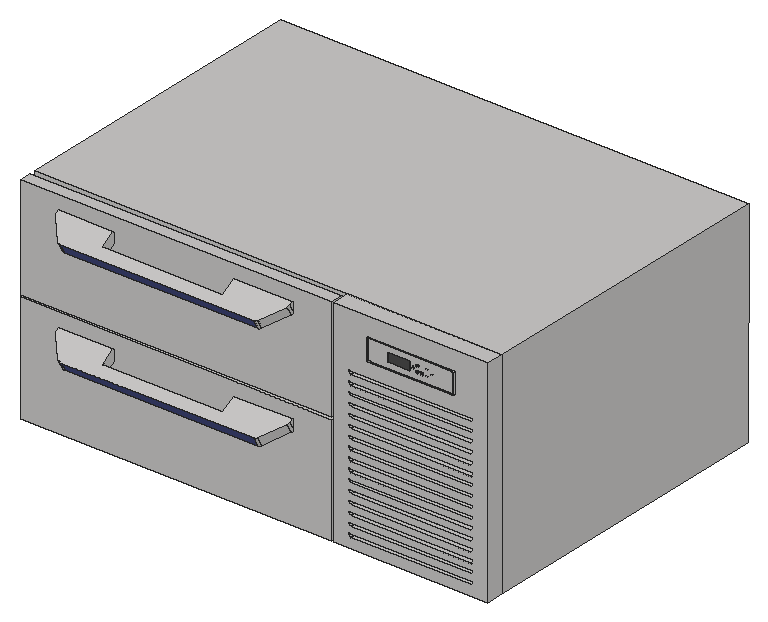
Revit family "QF_ELECTROLUXPROFESSIONAL_589681_MC6IDAKOBO", category Attrezzature speciali, Revit 2020
Family settings
  Quota connettore circolare = Usa diametro
  Tipo di parte = Normale
  Basato su piano di lavoro = No
  Sempre verticale = Sì
  Taglio con vuoti quando caricato = No
  Condiviso = No
  Punto di calcolo locali = No
Parameters (values of type "Standard")
  Weight = 145.00 kg
  Watts = 550 W
  Volts = 220 V
  URL Manufacturer = "https://www.electroluxprofessional.com/"
  URL = "https://www.electroluxprofessional.com/"
  Steam Supply Size = 0"
  Steam Supply Minimum Pressure = 0.00 psi
  Steam Supply Maximum Pressure = 0.00 psi
  Steam Consumption per Hour = 0
  Refrigeration Suction Line Size = 0 mm
  Refrigeration Liquid Line Size = 0 mm
  Refrigerant Compressor Remote = yes
  Prospetto di default = 0 mm
  Phase = 1
  Modello = "MC6IDAKOBO"
  Produttore = "Electrolux Professional"
  Length Actual = 1200 mm  # constant formula
  Item Number = "589681"
  Hot Water Size = 0"
  Height Actual = 550 mm  # constant formula
  HP = "0.7 HP"
  Gas Size = 0"
  Gas KW = 0
  Gas Input Pressure = 0.0 Btu/h
  Direct Waste Size = 0"
  Descrizione = "REF-FREEZER BASE,2DRAWERS,GN2/1,1S,1200X900X550H - R290"
  Depth Actual = 900 mm  # constant formula
  Cycle = 50 Hz
  Condensate Return Size = 0"
  Compressed Air Volume = 0 GPM
  Compressed Air Size = 0"
  Compressed Air Pressure = 0.00 psi
  Cold Water Size = 0"
  Accessory = yes
Reference planes
  plane 1 "BACK": y = 0
  plane 2: z = 0
  plane 3 "LEFT": x = -100
  plane 4 "RIGHT": x = 1100
  plane 5 "FRONT": y = -900
  plane 6 "TOP": z = 900
  plane 7 "Center (Left/Right)": x = 500
  plane 8: y = -450
  plane 9: z = 100
  plane 10: y = -150
  plane 11 "Panel": y = -835
  plane 12: z = 798
  plane 13: x = -22
  plane 14: x = 1022
  plane 15: y = -150
  plane 16: y = -650
  plane 17 "EIx": x = 970
  plane 18 "EIy": y = -85
  plane 19: z = 650
  plane 20 "GasX": x = 870
  plane 21 "EI2x": x = 800
  plane 22: y = -45
  plane 23: y = -880
Forms (mm)
  Extrusion 1, solid, material "QF_Finishes_Stainless Steel"
    sketch origin (-488.969, -4662, 100) x (-1, 0, 0) y (0, -1, 0)
      loop
        circle (-1458.969, -4577) r 6.35
    from 0 to -11.851
  Extrusion 2, solid, material "QF_Finishes_Stainless Steel"
    sketch origin (-178.969, -4572, 100) x (-1, 0, 0) y (0, -1, 0)
      loop
        line (-78.969, -4527) -> (-78.969, -3737) -> (-1278.969, -3737) -> (-1278.969, -4527) -> (-78.969, -4527)
    from 550 to 0
  Extrusion 3, solid, material "QF_Finishes_Stainless Steel"
    sketch origin (-658.969, -4662, 100) x (-1, 0, 0) y (0, -1, 0)
      loop
        circle (-1458.969, -4577) r 6.35
    from 0 to -11.851
  Extrusion 4, solid, material "QF_Finishes_Stainless Steel"
    sketch origin (-588.969, -4662, 100) x (-1, 0, 0) y (0, -1, 0)
      loop
        circle (-1458.969, -4577) r 6.35
    from 0 to -11.851
Lines and regions (mm)
  symbolic lines, style "SpecialityEquipmentHiddenLines"
    curve 1: line (-100, -45, 100) -> (1100, -45, 100)
  symbolic lines
    curve 2: line (-100, -900, 100) -> (-100, -45, 100)
    curve 3: line (1100, -900, 100) -> (-100, -900, 100)
    curve 4: line (1100, -45, 100) -> (1100, -900, 100)
Dimensions and locks
  plane 3 "LEFT" to plane 4 "RIGHT" = 1200 mm
  locked: plane 5 "FRONT" to plane 1 "BACK" at 900
  equal spacing: plane 3 "LEFT", plane 7 "Center (Left/Right)", plane 4 "RIGHT"
  equal spacing: plane 5 "FRONT", plane 8, plane 1 "BACK"
  plane 6 "TOP" to level = 900 mm  (x2)
  plane 9 to level = 100 mm
  plane 1 "BACK" to plane 10 to plane 11 "Panel" = 150 mm, 685 mm  (x2)
  plane 6 "TOP" to plane 9 to level = 800 mm, 100 mm
  plane 1 "BACK" to Extrusion 1 = 85 mm
  plane 13 to plane 3 "LEFT" = 78 mm
  plane 14 to plane 4 "RIGHT" = 78 mm
  locked: plane 1 "BACK" to plane 15 at 150
  locked: plane 15 to plane 16 at 500
  plane 11 "Panel" to plane 5 "FRONT" = 65 mm
  locked: plane 18 "EIy" to plane 1 "BACK" at 85
  plane 19 to plane 9 = 550 mm
  locked: plane 20 "GasX" to plane 4 "RIGHT" at 230
  locked: plane 17 "EIx" to plane 4 "RIGHT" at 130
  locked: plane 21 "EI2x" to plane 4 "RIGHT" at 300
  plane 1 "BACK" to plane 5 "FRONT" = 900 mm
  locked: plane 1 "BACK" to plane 22 at 45
  plane 5 "FRONT" to plane 23 = 20 mm
  plane 11 "Panel" to plane 23 = 45 mm
  aligned and locked: level to plane 2
  aligned and locked: nested 1 to plane 4 "RIGHT"
  aligned and locked: plane 3 "LEFT" to nested 2
  aligned and locked: plane 19 to nested 1
  aligned and locked: plane 22 to Extrusion 2
  aligned and locked: plane 11 "Panel" to nested 1
  aligned and locked: Extrusion 2 to plane 11 "Panel"  (x2)
  aligned and locked: plane 11 "Panel" to nested 2
Automatic sketch dimensions
  plane 1 "BACK" to curve 1 = 45 mm
  curve 1 to plane 4 "RIGHT" = 0 mm
  curve 3 to plane 3 "LEFT" = 0 mm
  plane 5 "FRONT" to curve 3 = 0 mm
  Extrusion 1 sketch curve to plane 17 "EIx" = 0 mm
  Extrusion 1 sketch curve to plane 18 "EIy" = 0 mm
  Extrusion 2 sketch curve to plane 4 "RIGHT" = 0 mm
  Extrusion 2 sketch curve to plane 3 "LEFT" = 0 mm
  Extrusion 2 sketch curve to plane 11 "Panel" = 0 mm
  plane 18 "EIy" to Extrusion 2 sketch curve = 40 mm
  Extrusion 3 sketch curve to plane 18 "EIy" = 0 mm
  Extrusion 3 sketch curve to plane 21 "EI2x" = 0 mm
  Extrusion 4 sketch curve to plane 18 "EIy" = 0 mm
  Extrusion 4 sketch curve to plane 20 "GasX" = 0 mm
  radius of Extrusion 1 sketch curve = 6.35 mm
  radius of Extrusion 3 sketch curve = 6.35 mm
  radius of Extrusion 4 sketch curve = 6.35 mm
Nested families
  nested 1: "QF_ELECTROLUXPROFESSIONAL_REF-FREEZER-UNIT" at (836.133, -835, 394.336) x (1, 0, 0) z (0, -1, 0), type "QF_ELECTROLUXPROFESSIONAL_REF-FREEZER-UNIT"
    with Show Logo yes
  nested 2: "Drawer_W800_Ref_Freezer" at (305, -835, 0), type "Drawer_W800_Ref_Freezer"
Connectors
  electrical at (970, -85, 88.149)
    settings: on Extrusion 1, index 1, voltage 400 V, apparent load 33000 VA, apparent load phase1 0 VA, apparent load phase2 0 VA, apparent load phase3 0 VA, power factor 1, load classification "Other", number of poles 1, system type 30, power factor state 1, is connector primary yes, connector utility no, sub classification motor no, connector description "ELECTRICAL CONNECTION"
  piping at (870, -85, 88.149), diameter 12.7
    settings: on Extrusion 4, index 2, connector inside diameter 24", connector length 0 mm, flow factor 0, pipe flow 0 GPM, pressure drop 0.00 psi, fitting loss kfactor 0, connector angle 0.00°, fixture units 0, engagement length 0 mm, angle of deflection 0.00°, flow configuration 1, flow direction 1, fitting loss method 0, system type 7, joint type 0, gender type 0, connector reference index -1, connector utility 0, adjustable connector no, is connector primary yes, connector description "Gas connection"
  electrical at (800, -85, 88.149)
    settings: on Extrusion 3, index 3, voltage 0 V, apparent load 0 VA, apparent load phase1 0 VA, apparent load phase2 0 VA, apparent load phase3 0 VA, power factor 1, load classification "Other", number of poles 1, system type 30, power factor state 1, is connector primary no, connector utility no, sub classification motor no, connector description "Electrical connection"
Definition of nested family "QF_ELECTROLUXPROFESSIONAL_REF-FREEZER-UNIT"
  Parameters
    Width = 395 mm
    Show Logo [instance] = yes
    Height = 550 mm
    Depth = 45 mm
    Default Elevation = 100 mm
  Reference planes
    plane 1 "Centro (Fronte/Retro)": y = -19.336
    plane 2: z = 0
    plane 3 "Centro (Sinistra/Destra)": x = 66.367
    plane 4 "Back": y = -294.336
    plane 5 "Top": y = 255.664
    plane 6 "Left": x = -131.133
    plane 7 "Right": x = 263.867
    plane 8 "Panel": z = 45
  Forms (mm)
    Extrusion 1, solid
      sketch origin (0, 0, 0) x (1, 0, 0) y (0, 1, 0)
        loop
          line (-1219.2, 1219.2) -> (-1219.2, -1219.2) -> (1219.2, -1219.2) -> (1219.2, 1219.2) -> (-1219.2, 1219.2)
      from 0 to -304.8
    Extrusion 2, solid
      sketch origin (66.367, 0, 0) x (0, 1, 0) y (0, 0, 1)
        loop
          line (-294.336, 45) -> (-294.336, 0) -> (255.664, 0) -> (255.664, 45) -> (-294.336, 45)
      from -197.5 to 197.5
    Sweep 3, solid
      path origin (0, 0, 0) x (1, 0, 0) y (0, 1, 0)
        loop
          line (175.167, 207.994) -> (-42.833, 207.994)
          arc (-42.833, 207.994) -> (-44.954, 207.115) -> (-45.833, 204.994) r 3
          line (-45.833, 204.994) -> (-45.833, 154.894)
          arc (-45.833, 154.894) -> (-44.954, 152.772) -> (-42.833, 151.894) r 3
          line (-42.833, 151.894) -> (175.167, 151.894)
          arc (175.167, 151.894) -> (177.289, 152.772) -> (178.167, 154.894) r 3
          line (178.167, 154.894) -> (178.167, 204.994)
          arc (178.167, 204.994) -> (177.289, 207.115) -> (175.167, 207.994) r 3
      profile origin (66.167, 207.994, 0) x (0, -1, 0) y (0, 0, 1)
        loop
          line (0, 45.003) -> (2, 45.003) -> (2, 47.003)
          arc (2, 47.003) -> (0.586, 46.417) -> (0, 45.003) r 2
    Extrusion 4, solid
      sketch origin (0, 0, 45) x (-1, 0, 0) y (0, -1, 0)
        loop
          arc (42.333, -206.244) -> (43.575, -205.726) -> (44.083, -204.479) r 1.75
          line (44.083, -204.479) -> (44.083, -155.379)
          arc (44.083, -155.379) -> (43.57, -154.156) -> (42.346, -153.644) r 1.75
          line (42.346, -153.644) -> (-174.654, -153.644)
          arc (-174.654, -153.644) -> (-175.9, -154.152) -> (-176.417, -155.394) r 1.75
          line (-176.417, -155.394) -> (-176.417, -204.494)
          arc (-176.417, -204.494) -> (-175.905, -205.731) -> (-174.667, -206.244) r 1.75
          line (-174.667, -206.244) -> (42.333, -206.244)
        loop
          arc (-9.317, -170.644) -> (-9.611, -169.937) -> (-10.317, -169.644) r 1.002
          line (-10.317, -169.644) -> (-63.917, -169.644)
          arc (-63.917, -169.644) -> (-64.621, -169.935) -> (-64.917, -170.637) r 1.002
          line (-64.917, -170.637) -> (-64.917, -189.751)
          arc (-64.917, -189.751) -> (-64.621, -190.453) -> (-63.917, -190.744) r 1.002
          line (-63.917, -190.744) -> (-10.317, -190.744)
          arc (-10.317, -190.744) -> (-9.611, -190.45) -> (-9.317, -189.744) r 1.002
          line (-9.317, -189.744) -> (-9.317, -170.644)
        loop
          line (-72.717, -183.367) -> (-69.06, -177.032) -> (-76.375, -177.032) -> (-72.717, -183.367)
        loop
          circle (-84.616, -187.247) r 3.169
        loop
          circle (-84.616, -173.141) r 3.169
        loop
          line (-93.382, -170.679) -> (-99.425, -170.679) -> (-99.425, -175.679) -> (-93.382, -175.679) -> (-93.382, -170.679)
        loop
          line (-106.292, -171.416) -> (-108.401, -170.022) -> (-110.543, -171.427) -> (-110.543, -173.081) -> (-108.414, -171.678) -> (-106.292, -173.081) -> (-106.292, -171.416)
        loop
          line (-106.172, -187.306) -> (-108.366, -188.753) -> (-110.527, -187.306) -> (-110.527, -189.011) -> (-108.366, -190.44) -> (-106.172, -189) -> (-106.172, -187.306)
        loop
          line (-117.509, -181.558) -> (-117.509, -179.018) -> (-122.899, -179.018) -> (-122.899, -181.558) -> (-117.509, -181.558)
      from 0 to 2.003
    Extrusion 5, solid
      sketch origin (0, 0, 45) x (-1, 0, 0) y (0, -1, 0)
        loop
          arc (-64.917, -189.751) -> (-64.621, -190.453) -> (-63.915, -190.744) r 1.002
          line (-63.915, -190.744) -> (-10.319, -190.744)
          arc (-10.319, -190.744) -> (-9.611, -190.45) -> (-9.317, -189.742) r 1.002
          line (-9.317, -189.742) -> (-9.317, -170.646)
          arc (-9.317, -170.646) -> (-9.611, -169.937) -> (-10.319, -169.644) r 1.002
          line (-10.319, -169.644) -> (-63.917, -169.644)
          arc (-63.917, -169.644) -> (-64.621, -169.935) -> (-64.917, -170.637) r 1.002
          line (-64.917, -170.637) -> (-64.917, -189.751)
      from 0 to 2.003
    Extrusion 6, solid
      sketch origin (0, 0, 45) x (-1, 0, 0) y (0, -1, 0)
        loop
          line (-69.06, -177.032) -> (-76.375, -177.032) -> (-72.717, -183.367) -> (-69.06, -177.032)
        loop
          circle (-84.616, -187.247) r 3.169
        loop
          circle (-84.616, -173.141) r 3.169
        loop
          line (-99.425, -170.679) -> (-99.425, -175.679) -> (-93.382, -175.679) -> (-93.382, -170.679) -> (-99.425, -170.679)
        loop
          line (-108.401, -170.022) -> (-110.543, -171.427) -> (-110.543, -173.081) -> (-108.414, -171.678) -> (-106.292, -173.081) -> (-106.292, -171.416) -> (-108.401, -170.022)
        loop
          line (-122.899, -179.018) -> (-122.899, -181.558) -> (-117.509, -181.558) -> (-117.509, -179.018) -> (-122.899, -179.018)
        loop
          line (-108.366, -188.753) -> (-110.527, -187.306) -> (-110.527, -189.011) -> (-108.366, -190.44) -> (-106.172, -189) -> (-106.172, -187.306) -> (-108.366, -188.753)
      from 0 to 2
    Extrusion 7, void
      sketch origin (0, 0, 45) x (-1, 0, 0) y (0, -1, 0)
        loop
          line (93.805, -115.164) -> (88.954, -105.485) -> (-221.688, -105.485) -> (-226.538, -115.164) -> (93.805, -115.164)
        loop
          line (93.805, -90.163) -> (88.954, -80.484) -> (-221.688, -80.484) -> (-226.538, -90.163) -> (93.805, -90.163)
        loop
          line (93.805, -65.163) -> (88.954, -55.485) -> (-221.688, -55.485) -> (-226.538, -65.163) -> (93.805, -65.163)
        loop
          line (93.805, -40.164) -> (88.954, -30.485) -> (-221.688, -30.485) -> (-226.538, -40.164) -> (93.805, -40.164)
        loop
          line (93.805, -15.163) -> (88.954, -5.484) -> (-221.688, -5.484) -> (-226.538, -15.163) -> (93.805, -15.163)
        loop
          line (93.805, 9.837) -> (88.954, 19.516) -> (-221.688, 19.516) -> (-226.538, 9.837) -> (93.805, 9.837)
        loop
          line (93.805, 34.836) -> (88.954, 44.515) -> (-221.688, 44.515) -> (-226.538, 34.836) -> (93.805, 34.836)
        loop
          line (93.805, 59.837) -> (88.954, 69.516) -> (-221.688, 69.516) -> (-226.538, 59.837) -> (93.805, 59.837)
        loop
          line (93.805, 84.837) -> (88.954, 94.515) -> (-221.688, 94.515) -> (-226.538, 84.837) -> (93.805, 84.837)
        loop
          line (93.805, 109.836) -> (88.954, 119.515) -> (-221.688, 119.515) -> (-226.538, 109.836) -> (93.805, 109.836)
        loop
          line (93.805, 134.837) -> (88.954, 144.516) -> (-221.688, 144.516) -> (-226.538, 134.837) -> (93.805, 134.837)
        loop
          line (93.805, 159.837) -> (88.954, 169.515) -> (-221.688, 169.515) -> (-226.538, 159.837) -> (93.805, 159.837)
        loop
          line (93.805, 184.837) -> (88.954, 194.515) -> (-221.688, 194.515) -> (-226.538, 184.837) -> (93.805, 184.837)
        loop
          line (93.805, 209.837) -> (88.954, 219.516) -> (-221.688, 219.516) -> (-226.538, 209.837) -> (93.805, 209.837)
        loop
          line (93.805, 234.837) -> (88.954, 244.515) -> (-221.688, 244.515) -> (-226.538, 234.837) -> (93.805, 234.837)
        loop
          line (93.805, 259.836) -> (88.954, 269.515) -> (-221.688, 269.515) -> (-226.538, 259.836) -> (93.805, 259.836)
      from 11.086 to -14.08
  Cuts and joins
    Extrusion 7 cuts Extrusion 2
  Lines and regions (mm)
    symbolic lines
      curve 1: line (-131.133, -294.336, 0) -> (-131.133, -294.336, 45)
  Dimensions and locks
    "Height": plane 5 "Top" to plane 4 "Back"
    equal spacing: plane 5 "Top", plane 1 "Centro (Fronte/Retro)", plane 4 "Back"
    "Width": plane 6 "Left" to plane 7 "Right"
    equal spacing: plane 6 "Left", plane 3 "Centro (Sinistra/Destra)", plane 7 "Right"
    plane 8 "Panel" to level = 45 mm
    aligned and locked: plane 2 to Extrusion 1
    aligned and locked: level to Extrusion 1
    aligned and locked: plane 5 "Top" to Extrusion 2 sketch curve
    aligned and locked: Extrusion 2 sketch curve to plane 4 "Back"
    aligned and locked: Extrusion 2 sketch curve to plane 8 "Panel"
    aligned and locked: Extrusion 2 sketch curve to Extrusion 1
  Automatic sketch dimensions
    Extrusion 1 sketch curve to Extrusion 1 sketch curve = 2438.4 mm  (x2)
    plane 6 "Left" to Sweep 3 sketch curve = 88.301 mm
    Sweep 3 sketch curve to plane 5 "Top" = 50.67 mm
    Sweep 3 sketch curve to Sweep 3 sketch curve = 3 mm  (x4)
    Sweep 3 sketch curve to plane 7 "Right" = 88.699 mm
    Sweep 3 sketch curve to Sweep 3 sketch curve = 50.1 mm
    Sweep 3 sketch curve to Sweep 3 sketch curve = 0 mm  (x2)
    Sweep 3 sketch curve to profile plane = 2 mm
    level to Sweep 3 sketch curve = 45.003 mm
    Sweep 3 sketch curve to profile plane = 0 mm
    Extrusion 5 sketch curve to plane 3 "Centro (Sinistra/Destra)" = 1.449 mm
    Extrusion 5 sketch curve to Extrusion 5 sketch curve = 1.002 mm  (x4)
    Extrusion 5 sketch curve to Extrusion 5 sketch curve = 0 mm  (x9)
    Extrusion 5 sketch curve to Extrusion 5 sketch curve = 53.596 mm
    Extrusion 5 sketch curve to plane 5 "Top" = 64.92 mm
    Extrusion 5 sketch curve to Extrusion 5 sketch curve = 0.993 mm
    Extrusion 5 sketch curve to Extrusion 5 sketch curve = 0.009 mm  (x2)
    Extrusion 5 sketch curve to Extrusion 5 sketch curve = 19.096 mm  (x2)
    Extrusion 5 sketch curve to Extrusion 5 sketch curve = 0.03 mm
    Extrusion 5 sketch curve to Extrusion 5 sketch curve = 0.028 mm
    Extrusion 4 sketch curve to plane 7 "Right" = 89.199 mm
    Extrusion 4 sketch curve to Extrusion 4 sketch curve = 0 mm  (x24)
    Extrusion 4 sketch curve to Extrusion 4 sketch curve = 0.013 mm  (x3)
    plane 3 "Centro (Sinistra/Destra)" to Extrusion 4 sketch curve = 56.533 mm
    Extrusion 4 sketch curve to Extrusion 4 sketch curve = 5.391 mm
    Extrusion 4 sketch curve to Extrusion 4 sketch curve = 6.966 mm
    Extrusion 4 sketch curve to Extrusion 4 sketch curve = 6.982 mm
    Extrusion 4 sketch curve to Extrusion 4 sketch curve = 2.129 mm
    Extrusion 4 sketch curve to Extrusion 4 sketch curve = 2.16 mm
    Extrusion 4 sketch curve to Extrusion 4 sketch curve = 2.122 mm
    Extrusion 4 sketch curve to Extrusion 4 sketch curve = 2.194 mm
    Extrusion 4 sketch curve to Extrusion 4 sketch curve = 6.867 mm
    Extrusion 4 sketch curve to Extrusion 4 sketch curve = 6.043 mm
    Extrusion 4 sketch curve to Extrusion 4 sketch curve = 8.767 mm  (x2)
    Extrusion 4 sketch curve to Extrusion 4 sketch curve = 8.241 mm
    plane 3 "Centro (Sinistra/Destra)" to Extrusion 4 sketch curve = 6.351 mm
    plane 3 "Centro (Sinistra/Destra)" to Extrusion 4 sketch curve = 2.693 mm
    Extrusion 4 sketch curve to plane 3 "Centro (Sinistra/Destra)" = 1.449 mm
    Extrusion 4 sketch curve to Extrusion 4 sketch curve = 1.002 mm  (x4)
    Extrusion 4 sketch curve to Extrusion 4 sketch curve = 53.596 mm
    Extrusion 4 sketch curve to Extrusion 4 sketch curve = 52.652 mm
    Extrusion 4 sketch curve to Extrusion 4 sketch curve = 1.75 mm  (x2)
    Extrusion 4 sketch curve to plane 5 "Top" = 51.17 mm  (x2)
    Extrusion 4 sketch curve to Extrusion 4 sketch curve = 0.015 mm  (x2)
    Extrusion 4 sketch curve to plane 5 "Top" = 65.223 mm
    Extrusion 4 sketch curve to Extrusion 4 sketch curve = 0.69 mm
    Extrusion 4 sketch curve to Extrusion 4 sketch curve = 0.009 mm  (x2)
    Extrusion 4 sketch curve to Extrusion 4 sketch curve = 1.429 mm
    Extrusion 4 sketch curve to Extrusion 4 sketch curve = 1.44 mm
    Extrusion 4 sketch curve to Extrusion 4 sketch curve = 1.687 mm
    Extrusion 4 sketch curve to Extrusion 4 sketch curve = 1.694 mm
    Extrusion 4 sketch curve to Extrusion 4 sketch curve = 1.706 mm
    Extrusion 4 sketch curve to Extrusion 4 sketch curve = 2.504 mm
    Extrusion 4 sketch curve to Extrusion 4 sketch curve = 6.383 mm
    Extrusion 4 sketch curve to Extrusion 4 sketch curve = 5.748 mm
    Extrusion 4 sketch curve to Extrusion 4 sketch curve = 2.539 mm
    Extrusion 4 sketch curve to Extrusion 4 sketch curve = 6.335 mm
    Extrusion 4 sketch curve to Extrusion 4 sketch curve = 11.568 mm
    Extrusion 4 sketch curve to Extrusion 4 sketch curve = 3.891 mm
    Extrusion 4 sketch curve to Extrusion 4 sketch curve = 5.937 mm
    Extrusion 4 sketch curve to Extrusion 4 sketch curve = 1.404 mm
    Extrusion 4 sketch curve to Extrusion 4 sketch curve = 1.654 mm
    Extrusion 4 sketch curve to Extrusion 4 sketch curve = 1.665 mm
    Extrusion 4 sketch curve to Extrusion 4 sketch curve = 5 mm
    Extrusion 4 sketch curve to Extrusion 4 sketch curve = 6.386 mm
    Extrusion 4 sketch curve to Extrusion 4 sketch curve = 19.096 mm
    Extrusion 4 sketch curve to Extrusion 4 sketch curve = 1.656 mm
    Extrusion 4 sketch curve to Extrusion 4 sketch curve = 49.1 mm  (x2)
    Extrusion 4 sketch curve to Extrusion 4 sketch curve = 0.002 mm  (x5)
    plane 3 "Centro (Sinistra/Destra)" to Extrusion 6 sketch curve = 56.533 mm
    Extrusion 6 sketch curve to Extrusion 6 sketch curve = 5.391 mm
    Extrusion 6 sketch curve to Extrusion 6 sketch curve = 6.966 mm
    Extrusion 6 sketch curve to Extrusion 6 sketch curve = 6.982 mm
    Extrusion 6 sketch curve to Extrusion 6 sketch curve = 2.129 mm
    Extrusion 6 sketch curve to Extrusion 6 sketch curve = 0.013 mm
    Extrusion 6 sketch curve to Extrusion 6 sketch curve = 2.16 mm
    Extrusion 6 sketch curve to Extrusion 6 sketch curve = 0 mm  (x2)
    Extrusion 6 sketch curve to Extrusion 6 sketch curve = 2.122 mm
    Extrusion 6 sketch curve to Extrusion 6 sketch curve = 2.194 mm
    Extrusion 6 sketch curve to Extrusion 6 sketch curve = 6.867 mm
    Extrusion 6 sketch curve to Extrusion 6 sketch curve = 6.043 mm
    Extrusion 6 sketch curve to Extrusion 6 sketch curve = 8.767 mm  (x2)
    Extrusion 6 sketch curve to Extrusion 6 sketch curve = 8.241 mm
    plane 3 "Centro (Sinistra/Destra)" to Extrusion 6 sketch curve = 6.351 mm
    plane 3 "Centro (Sinistra/Destra)" to Extrusion 6 sketch curve = 2.693 mm
    Extrusion 6 sketch curve to plane 5 "Top" = 65.223 mm
    Extrusion 6 sketch curve to Extrusion 6 sketch curve = 1.429 mm
    Extrusion 6 sketch curve to Extrusion 6 sketch curve = 1.44 mm
    Extrusion 6 sketch curve to Extrusion 6 sketch curve = 1.687 mm
    Extrusion 6 sketch curve to Extrusion 6 sketch curve = 1.706 mm
    Extrusion 6 sketch curve to Extrusion 6 sketch curve = 1.694 mm
    Extrusion 6 sketch curve to Extrusion 6 sketch curve = 0.059 mm
    Extrusion 6 sketch curve to Extrusion 6 sketch curve = 3.88 mm
    Extrusion 6 sketch curve to Extrusion 6 sketch curve = 5.748 mm
    Extrusion 6 sketch curve to Extrusion 6 sketch curve = 2.539 mm
    Extrusion 6 sketch curve to Extrusion 6 sketch curve = 6.335 mm
    Extrusion 6 sketch curve to Extrusion 6 sketch curve = 11.568 mm
    Extrusion 6 sketch curve to Extrusion 6 sketch curve = 3.891 mm
    Extrusion 6 sketch curve to Extrusion 6 sketch curve = 5.937 mm
    Extrusion 6 sketch curve to Extrusion 6 sketch curve = 1.404 mm
    Extrusion 6 sketch curve to Extrusion 6 sketch curve = 1.654 mm
    Extrusion 6 sketch curve to Extrusion 6 sketch curve = 1.665 mm
    Extrusion 6 sketch curve to Extrusion 6 sketch curve = 5 mm
    Extrusion 6 sketch curve to Extrusion 6 sketch curve = 1.656 mm
    Extrusion 7 sketch curve to plane 7 "Right" = 37.328 mm  (x2)
    Extrusion 7 sketch curve to Extrusion 7 sketch curve = 0 mm  (x25)
    plane 1 "Centro (Fronte/Retro)" to Extrusion 7 sketch curve = 15.5 mm
    Extrusion 7 sketch curve to plane 1 "Centro (Fronte/Retro)" = 9.5 mm
    Extrusion 7 sketch curve to Extrusion 7 sketch curve = 4.851 mm  (x32)
    plane 1 "Centro (Fronte/Retro)" to Extrusion 7 sketch curve = 0.179 mm
    plane 6 "Left" to Extrusion 7 sketch curve = 42.179 mm  (x5)
    Extrusion 7 sketch curve to Extrusion 7 sketch curve = 15.321 mm  (x14)
    Extrusion 7 sketch curve to Extrusion 7 sketch curve = 9.679 mm  (x15)
    curve 1 to plane 6 "Left" = 0 mm
    curve 1 to level = 0 mm
    curve 1 to plane 8 "Panel" = 0 mm
    radius of Extrusion 4 sketch curve = 3.169 mm  (x2)
    radius of Extrusion 6 sketch curve = 3.169 mm  (x2)
Definition of nested family "Drawer_W800_Ref_Freezer"
  Parameters
    Width = 800 mm
    Default Elevation = 0 mm
    Foro = 310 mm
    BordoCassetto = 60 mm
    BordoBattuta = 36 mm
  Reference planes
    plane 1 "Ref. Level": z = 0
    plane 2 "Center (Left/Right)": x = -5
    plane 3 "Left": x = -405
    plane 4 "Right": x = 395
    plane 5 "Top": z = 650
    plane 6 "Base": z = 100
    plane 7: z = 380
    plane 8 "BaseUp": z = 385
    plane 9 "ManopolaLow": through (-6096, -70.559, 332.255) normal (0, -0.515, 0.8572)
    plane 10 "ManopolaUp2": through (-6096, -614.412, 604.849) normal (0, -0.515, 0.8572)
    plane 11 "ManopolaLow2": through (-6096, -616.076, 332.255) normal (0, -0.515, 0.8572)
    plane 12: y = -640
    plane 13: y = -655
    plane 14 "ManopolaUp": through (-6096, -70.559, 602.255) normal (0, -0.515, 0.8572)
    plane 15: y = -15
    plane 16: y = -60
    plane 17: y = 840
    plane 18: x = -285
    plane 19: x = 275
    plane 20: x = -369
    plane 21: x = 359
    plane 22: x = -160
    plane 23: x = 150
  Forms (mm)
    Extrusion 1, solid
      sketch origin (-5, 84, 0) x (0, 1, 0) y (0, 0, 1)
        loop
          line (-129.03, 650) -> (-129.03, 385) -> (-99, 385) -> (-99, 650) -> (-129.03, 650)
      from -400 to 400
    Extrusion 2, solid
      sketch origin (-5, 84, -270) x (0, 1, 0) y (0, 0, 1)
        loop
          line (-129.03, 650) -> (-129.03, 370) -> (-99, 370) -> (-99, 650) -> (-129.03, 650)
      from -400 to 400
    Extrusion 3, solid, detail levels coarse
      sketch origin (-5, -464.17, -270) x (0, 1, 0) y (0, 0, 1)
        loop
          line (-129.03, 650) -> (-129.03, 370) -> (-101.83, 370) -> (-101.83, 650) -> (-129.03, 650)
      from -400 to 400
    Extrusion 4, solid, detail levels coarse
      sketch origin (-5, -464.17, 15) x (0, 1, 0) y (0, 0, 1)
        loop
          line (-129.03, 635) -> (-129.03, 370) -> (-101.83, 370) -> (-101.83, 635) -> (-129.03, 635)
      from -400 to 400
    Extrusion 5, solid, detail levels coarse
      sketch origin (0, 0, 100) x (-1, 0, 0) y (0, -1, 0)
        loop
          line (-359, 566) -> (-359, 553) -> (-328, 553) -> (-328, 60) -> (338, 60) -> (338, 553) -> (369, 553) -> (369, 566) -> (-359, 566)
      from 246 to 22
    Extrusion 6, solid, detail levels coarse
      sketch origin (0, 0, 385) x (0, 1, 0) y (-1, 0, 0)
        loop
          line (-566, -359) -> (-553, -359) -> (-553, -275) -> (-60, -275) -> (-60, 285) -> (-553, 285) -> (-553, 369) -> (-566, 369) -> (-566, -359)
      from 22 to 230
    Extrusion 7, solid
      sketch origin (0, 104.5, 100) x (-1, 0, 0) y (0, -1, 0)
        loop
          line (285, 119.5) -> (-275, 119.5) -> (-275, 104) -> (285, 104) -> (285, 119.5)
      from 22 to 246
    Extrusion 8, solid
      sketch origin (0, 104.5, 385) x (0, 1, 0) y (-1, 0, 0)
        loop
          line (-119.5, 285) -> (-119.5, -275) -> (-104.5, -275) -> (-104.5, 285) -> (-119.5, 285)
      from 22 to 230
  Lines and regions (mm)
    symbolic lines
      curve 1: line (-405, -149.043, 0) -> (-405, -514.03, 0)
      curve 2: line (395, -514.03, 0) -> (395, -149.03, 0)
      curve 3: line (-405, -655, 0) -> (-405, -689.743, 0)
      curve 4: line (275, -106.83, 0) -> (275, -553, 0)
      curve 5: line (395, -689.743, 0) -> (395, -690, 0)
      curve 6: line (359, -553, 0) -> (275, -553, 0)
      curve 7: line (359, -566, 0) -> (359, -553, 0)
      curve 8: line (-316, -553, 0) -> (-316, -566, 0)
      curve 9: line (-285, -553, 0) -> (-316, -553, 0)
      curve 10: line (-285, -60, 0) -> (-285, -553, 0)
      curve 11: line (395, -566, 0) -> (-405, -566, 0)
      curve 12: line (-405, -566, 0) -> (-405, -605.1, 0)
      curve 13: line (395, -566, 0) -> (395, -605.1, 0)
      curve 14: line (-405, -593.2, 0) -> (395, -593.2, 0)
  Dimensions and locks
    plane 6 "Base" to plane 5 "Top" = 550 mm
    plane 6 "Base" to level = 100 mm
    plane 6 "Base" to plane 7 = 280 mm
    plane 5 "Top" to plane 8 "BaseUp" = 265 mm
    plane 8 "BaseUp" to plane 7 = 5 mm
    "Width": plane 4 "Right" to plane 3 "Left"
    equal spacing: plane 4 "Right", plane 2 "Center (Left/Right)", plane 3 "Left"
    plane 17 to plane 13 = 1495 mm
    plane 17 to plane 15 = 855 mm
    plane 15 to plane 16 = 45 mm
    locked: plane 18 to plane 3 "Left" at 120
    locked: plane 19 to plane 4 "Right" at 120
    "Foro": plane 22 to plane 23
    plane 22 to nested 4 to plane 23 = 155 mm, 155 mm
    "BordoBattuta": plane 21 to plane 4 "Right"
    "BordoBattuta": plane 20 to plane 3 "Left"
    aligned and locked: Extrusion 6 to plane 18
    aligned and locked: Extrusion 4 to plane 3 "Left"
    aligned and locked: Extrusion 1 to plane 3 "Left"
    aligned and locked: Extrusion 4 to plane 4 "Right"
    aligned and locked: Extrusion 1 to plane 4 "Right"
    aligned and locked: Extrusion 3 to plane 4 "Right"
    aligned and locked: Extrusion 3 to plane 3 "Left"
    aligned and locked: Extrusion 2 to plane 3 "Left"
    aligned and locked: Extrusion 2 to plane 4 "Right"
    aligned and locked: Extrusion 6 to plane 20
    aligned and locked: Extrusion 5 to plane 20
    aligned and locked: Extrusion 6 to plane 21
    aligned and locked: Extrusion 5 to plane 21
    aligned and locked: plane 19 to Extrusion 6
    aligned and locked: curve 7 to plane 21
    aligned and locked: curve 10 to Extrusion 6
    aligned and locked: curve 4 to Extrusion 6
    aligned and locked: plane 2 "Center (Left/Right)" to nested 3
    aligned and locked: nested 4 to nested 3
    aligned and locked: plane 2 "Center (Left/Right)" to nested 2
  Automatic sketch dimensions
    Extrusion 1 sketch curve to plane 8 "BaseUp" = 0 mm
    Extrusion 1 sketch curve to plane 5 "Top" = 0 mm
    Extrusion 1 sketch curve to plane 15 = 0 mm
    plane 16 to Extrusion 1 sketch curve = 14.97 mm
    plane 6 "Base" to Extrusion 2 sketch curve = 0 mm
    Extrusion 2 sketch curve to plane 7 = 0 mm
    Extrusion 2 sketch curve to plane 15 = 0 mm
    plane 16 to Extrusion 2 sketch curve = 14.97 mm
    plane 6 "Base" to Extrusion 3 sketch curve = 0 mm
    Extrusion 3 sketch curve to plane 7 = 0 mm
    Extrusion 3 sketch curve to plane 12 = 46.8 mm
    Extrusion 3 sketch curve to Extrusion 3 sketch curve = 27.2 mm
    Extrusion 4 sketch curve to plane 8 "BaseUp" = 0 mm
    Extrusion 4 sketch curve to plane 5 "Top" = 0 mm
    Extrusion 4 sketch curve to plane 12 = 46.8 mm
    Extrusion 4 sketch curve to Extrusion 4 sketch curve = 27.2 mm
    Extrusion 5 sketch curve to plane 16 = 0 mm
    plane 4 "Right" to Extrusion 5 sketch curve = 36 mm
    Extrusion 5 sketch curve to Extrusion 5 sketch curve = 31 mm  (x2)
    plane 3 "Left" to Extrusion 5 sketch curve = 67 mm
    Extrusion 5 sketch curve to plane 12 = 87 mm  (x2)
    Extrusion 5 sketch curve to Extrusion 5 sketch curve = 13 mm
    Extrusion 6 sketch curve to plane 16 = 0 mm
    Extrusion 6 sketch curve to plane 12 = 87 mm  (x2)
    Extrusion 6 sketch curve to Extrusion 6 sketch curve = 13 mm
    plane 4 "Right" to Extrusion 6 sketch curve = 36 mm
    Extrusion 6 sketch curve to Extrusion 6 sketch curve = 84 mm  (x2)
    plane 3 "Left" to Extrusion 6 sketch curve = 120 mm
    Extrusion 7 sketch curve to plane 15 = 0 mm
    plane 4 "Right" to Extrusion 7 sketch curve = 120 mm
    plane 3 "Left" to Extrusion 7 sketch curve = 120 mm
    Extrusion 7 sketch curve to Extrusion 7 sketch curve = 15.5 mm
    Extrusion 8 sketch curve to plane 15 = 0 mm
    Extrusion 8 sketch curve to Extrusion 8 sketch curve = 15 mm
    plane 4 "Right" to Extrusion 8 sketch curve = 120 mm
    plane 3 "Left" to Extrusion 8 sketch curve = 120 mm
    curve 1 to plane 3 "Left" = 0 mm
    curve 14 to plane 3 "Left" = 0 mm
    curve 3 to plane 3 "Left" = 0 mm
    curve 5 to plane 4 "Right" = 0 mm
    curve 2 to plane 4 "Right" = 0 mm
    curve 13 to plane 4 "Right" = 0 mm
    curve 3 to plane 13 = 0 mm
    curve 10 to plane 16 = 0 mm
    curve 9 to plane 18 = 31 mm
    curve 11 to plane 12 = 74 mm
    curve 7 to curve 7 = 13 mm
    curve 8 to curve 9 = 13 mm
    curve 3 to curve 3 = 34.743 mm
    curve 5 to plane 13 = 34.743 mm
    curve 5 to curve 5 = 0.257 mm
    curve 13 to plane 12 = 34.9 mm
    curve 12 to plane 12 = 34.9 mm
    curve 12 to curve 14 = 11.9 mm
    curve 11 to curve 1 = 51.97 mm
    curve 11 to curve 2 = 51.97 mm
    curve 1 to plane 16 = 89.043 mm
    curve 2 to plane 16 = 89.03 mm
    curve 4 to plane 16 = 46.83 mm
  Nested families
    nested 1: "Maniglia600" at (0, -20, -9.834), type "Maniglia600"
    nested 2: "Maniglia600" at (0, -20, -279.834), type "Maniglia600"
    nested 3: "Maniglia600_Clearence" at (0, -568.17, -9.834), type "Maniglia600_Clearence"
    nested 4: "Maniglia600_Clearence" at (0, -568.17, -281.429), type "Maniglia600_Clearence"
  Definition of nested family "Maniglia600"
    Parameters
      Width = 600 mm
      Default Elevation = 0 mm
    Reference planes
      plane 1 "Center (Front/Back)": y = 0
      plane 2 "Ref. Level": z = 0
      plane 3 "Center (Left/Right)": x = -5
      plane 4: x = -305
      plane 5: x = 295
      plane 6 "Manopola": through (-6096, -50.059, 612.389) normal (0, -0.515, 0.8572)
      plane 7 "Top": z = 650
      plane 8: z = 265
      plane 9: z = 200
    Forms (mm)
      Extrusion 1, solid
        sketch origin (0, -283.633, 472.044) x (0, 0.857167, 0.515038) y (-1, 0, 0)
          loop
            line (299.12, -295) -> (299.12, 305) -> (290.982, 305)
            arc (290.982, 305) -> (286.677, 304.026) -> (283.211, 301.293) r 10
            line (283.211, 301.293) -> (233.28, 260.86)
            arc (233.28, 260.86) -> (230.548, 257.394) -> (229.574, 253.089) r 10
            line (229.574, 253.089) -> (229.574, -243.089)
            arc (229.574, -243.089) -> (230.548, -247.394) -> (233.28, -250.86) r 10
            line (233.28, -250.86) -> (283.211, -291.293)
            arc (283.211, -291.293) -> (286.677, -294.026) -> (290.982, -295) r 10
            line (290.982, -295) -> (299.12, -295)
        from -27 to 0
      Extrusion 2, void
        sketch origin (-5, 0, 0) x (0, 1, 0) y (0, 0, 1)
          loop
            line (-61.514, 605.507) -> (-47.608, 582.363) -> (-25.03, 595.93) -> (-25.03, 627.429) -> (-61.514, 605.507)
        from -160 to 150
      Extrusion 3, void
        sketch origin (-5, 0, 0) x (0, 1, 0) y (0, 0, 1)
          loop
            line (-25.03, 595.93) -> (-13.331, 602.959) -> (-25.03, 622.429) -> (-25.03, 595.93)
        from -300 to 300
    Cuts and joins
      Extrusion 2, Extrusion 3 cuts Extrusion 1
    Lines and regions (mm)
      symbolic lines
        curve 1: line (-297.355, -45.043, 0) -> (-260.86, -83.673, 0)
        curve 2: line (-253.089, -86.85, 0) -> (243.089, -86.85, 0)
        curve 3: line (250.86, -83.673, 0) -> (287.355, -45.043, 0)
        curve 4: arc (-253.089, -86.85, 0) -> (-257.318, -86.101, 0) -> (-260.86, -83.673, 0) r 10.165
        curve 5: arc (243.089, -86.85, 0) -> (247.318, -86.101, 0) -> (250.86, -83.673, 0) r 10.165
    Dimensions and locks
      plane 9 to level = 200 mm
      plane 8 to plane 9 = 65 mm
      plane 8 to plane 7 "Top" = 385 mm
      plane 7 "Top" to plane 9 = 450 mm
      "Width": plane 4 to plane 5
      equal spacing: plane 4, plane 3 "Center (Left/Right)", plane 5
      aligned and locked: Extrusion 3 to Extrusion 1
      aligned and locked: Extrusion 1 to Extrusion 3
    Automatic sketch dimensions
      plane 4 to curve 1 = 44.14 mm
      curve 4 to curve 4 = 7.389 mm
      curve 1 to curve 2 = 7.771 mm
      plane 5 to curve 2 = 51.911 mm
      curve 2 to curve 5 = 0.382 mm
      curve 2 to curve 3 = 7.771 mm
      plane 1 "Center (Front/Back)" to curve 2 = 86.85 mm
      curve 2 to curve 3 = 3.177 mm
      curve 4 to curve 1 = 3.177 mm
      plane 4 to curve 1 = 7.645 mm
      plane 5 to curve 3 = 7.645 mm
      plane 1 "Center (Front/Back)" to curve 1 = 45.043 mm
      plane 1 "Center (Front/Back)" to curve 3 = 45.043 mm
      Extrusion 1 sketch curve to plane 5 = 0 mm
      Extrusion 1 sketch curve to plane 4 = 0 mm
      plane 4 to Extrusion 1 sketch curve = 51.911 mm
      plane 5 to Extrusion 1 sketch curve = 44.14 mm
      Extrusion 1 sketch curve to Extrusion 1 sketch curve = 3.707 mm  (x2)
      plane 4 to Extrusion 1 sketch curve = 44.14 mm
      Extrusion 1 sketch curve to Extrusion 1 sketch curve = 6.293 mm
      plane 5 to Extrusion 1 sketch curve = 3.707 mm
      Extrusion 1 sketch curve to Extrusion 1 sketch curve = 49.93 mm  (x2)
      plane 4 to Extrusion 1 sketch curve = 3.707 mm
      Extrusion 1 sketch curve to Extrusion 1 sketch curve = 7.771 mm
      plane 4 to Extrusion 1 sketch curve = 10 mm
      Extrusion 1 sketch curve to Extrusion 1 sketch curve = 8.138 mm
      Extrusion 2 sketch curve to plane 6 "Manopola" = 0 mm  (x2)
      Extrusion 2 sketch curve to plane 7 "Top" = 44.493 mm
      Extrusion 2 sketch curve to Extrusion 2 sketch curve = 13.906 mm
      plane 1 "Center (Front/Back)" to Extrusion 2 sketch curve = 25.03 mm
      Extrusion 3 sketch curve to plane 7 "Top" = 27.571 mm
      plane 1 "Center (Front/Back)" to Extrusion 3 sketch curve = 13.331 mm
      Extrusion 3 sketch curve to Extrusion 3 sketch curve = 19.47 mm
      Extrusion 3 sketch curve to Extrusion 3 sketch curve = 7.029 mm
  Definition of nested family "Maniglia600_Clearence"
    Parameters
      Width = 600 mm
      Default Elevation = 0 mm
    Reference planes
      plane 1 "Center (Front/Back)": y = 0
      plane 2 "Ref. Level": z = 0
      plane 3 "Center (Left/Right)": x = -5
      plane 4: x = -305
      plane 5: x = 295
      plane 6 "Manopola": through (-6096, -50.059, 612.389) normal (0, -0.515, 0.8572)
      plane 7 "Top": z = 650
      plane 8: z = 265
      plane 9: z = 200
    Forms (mm)
      Extrusion 1, solid, detail levels coarse
        sketch origin (0, -283.633, 472.044) x (0, 0.857167, 0.515038) y (-1, 0, 0)
          loop
            line (299.12, -295) -> (299.12, 305) -> (290.982, 305)
            arc (290.982, 305) -> (286.677, 304.026) -> (283.211, 301.293) r 10
            line (283.211, 301.293) -> (233.28, 260.86)
            arc (233.28, 260.86) -> (230.548, 257.394) -> (229.574, 253.089) r 10
            line (229.574, 253.089) -> (229.574, -243.089)
            arc (229.574, -243.089) -> (230.548, -247.394) -> (233.28, -250.86) r 10
            line (233.28, -250.86) -> (283.211, -291.293)
            arc (283.211, -291.293) -> (286.677, -294.026) -> (290.982, -295) r 10
            line (290.982, -295) -> (299.12, -295)
        from -27 to 0
      Extrusion 2, void
        sketch origin (-5, 0, 0) x (0, 1, 0) y (0, 0, 1)
          loop
            line (-61.514, 605.507) -> (-47.608, 582.363) -> (-25.03, 595.93) -> (-25.03, 627.429) -> (-61.514, 605.507)
        from -160 to 150
      Extrusion 3, void
        sketch origin (-5, 0, 0) x (0, 1, 0) y (0, 0, 1)
          loop
            line (-25.03, 595.93) -> (-13.331, 602.959) -> (-25.03, 622.429) -> (-25.03, 595.93)
        from -300 to 300
    Cuts and joins
      Extrusion 2, Extrusion 3 cuts Extrusion 1
    Lines and regions (mm)
      symbolic lines
        curve 1: line (-303.91, -38.104, 0) -> (-260.86, -83.673, 0)
        curve 2: line (-253.089, -86.85, 0) -> (243.089, -86.85, 0)
        curve 3: line (250.86, -83.673, 0) -> (291.293, -40.874, 0)
        curve 4: arc (-253.089, -86.85, 0) -> (-257.318, -86.101, 0) -> (-260.86, -83.673, 0) r 10.165
        curve 5: arc (243.089, -86.85, 0) -> (247.318, -86.101, 0) -> (250.86, -83.673, 0) r 10.165
        curve 6: spline (-305, -34.212, 0) -> (-304.973, -34.848, 0) -> (-304.89, -35.479, 0) -> (-304.753, -36.104, 0) -> (-304.563, -36.719, 0) -> (-304.32, -37.319, 0) -> (-304.026, -37.903, 0) -> (-303.682, -38.466, 0) -> (-303.29, -39.006, 0) -> (-302.853, -39.519, 0) -> (-302.373, -40.003, 0) -> (-301.852, -40.456, 0) -> (-301.293, -40.874, 0)
        curve 7: line (-305, -25.03, 0) -> (-305, -34.212, 0)
        curve 8: line (-305, -25.03, 0) -> (-165, -25.03, 0)
        curve 9: line (-165, -25.03, 0) -> (-165, -61.514, 0)
        curve 10: line (295, -34.212, 0) -> (295, -25.03, 0)
        curve 11: spline (291.293, -40.874, 0) -> (291.852, -40.456, 0) -> (292.373, -40.003, 0) -> (292.853, -39.519, 0) -> (293.29, -39.006, 0) -> (293.682, -38.466, 0) -> (294.026, -37.903, 0) -> (294.32, -37.319, 0) -> (294.563, -36.719, 0) -> (294.753, -36.104, 0) -> (294.89, -35.479, 0) -> (294.973, -34.848, 0) -> (295, -34.212, 0)
        curve 12: line (145, -25.03, 0) -> (145, -61.514, 0)
        curve 13: line (145, -61.514, 0) -> (-165, -61.514, 0)
        curve 14: line (145, -25.03, 0) -> (295, -25.03, 0)
    Dimensions and locks
      plane 9 to level = 200 mm
      plane 8 to plane 9 = 65 mm
      plane 8 to plane 7 "Top" = 385 mm
      plane 7 "Top" to plane 9 = 450 mm
      "Width": plane 4 to plane 5
      equal spacing: plane 4, plane 3 "Center (Left/Right)", plane 5
      aligned and locked: Extrusion 3 to Extrusion 1
      aligned and locked: Extrusion 1 to Extrusion 3
    Automatic sketch dimensions
      Extrusion 1 sketch curve to plane 5 = 0 mm
      Extrusion 1 sketch curve to plane 4 = 0 mm
      plane 4 to Extrusion 1 sketch curve = 51.911 mm
      plane 5 to Extrusion 1 sketch curve = 44.14 mm
      Extrusion 1 sketch curve to Extrusion 1 sketch curve = 3.707 mm  (x2)
      plane 4 to Extrusion 1 sketch curve = 44.14 mm
      Extrusion 1 sketch curve to Extrusion 1 sketch curve = 6.293 mm
      plane 5 to Extrusion 1 sketch curve = 3.707 mm
      Extrusion 1 sketch curve to Extrusion 1 sketch curve = 49.93 mm  (x2)
      plane 4 to Extrusion 1 sketch curve = 3.707 mm
      Extrusion 1 sketch curve to Extrusion 1 sketch curve = 7.771 mm
      plane 4 to Extrusion 1 sketch curve = 10 mm
      Extrusion 1 sketch curve to Extrusion 1 sketch curve = 8.138 mm
      Extrusion 2 sketch curve to plane 6 "Manopola" = 0 mm  (x2)
      Extrusion 2 sketch curve to plane 7 "Top" = 44.493 mm
      Extrusion 2 sketch curve to Extrusion 2 sketch curve = 13.906 mm
      plane 1 "Center (Front/Back)" to Extrusion 2 sketch curve = 25.03 mm
      Extrusion 3 sketch curve to plane 7 "Top" = 27.571 mm
      plane 1 "Center (Front/Back)" to Extrusion 3 sketch curve = 13.331 mm
      Extrusion 3 sketch curve to Extrusion 3 sketch curve = 19.47 mm
      Extrusion 3 sketch curve to Extrusion 3 sketch curve = 7.029 mm
      curve 8 to plane 4 = 0 mm
      curve 10 to plane 5 = 0 mm
      plane 4 to curve 1 = 44.14 mm
      curve 1 to curve 4 = 7.389 mm
      curve 1 to curve 2 = 7.771 mm
      plane 5 to curve 2 = 51.911 mm
      curve 5 to curve 5 = 0.382 mm
      curve 5 to curve 3 = 7.771 mm
      plane 5 to curve 3 = 3.707 mm
      plane 1 "Center (Front/Back)" to curve 2 = 86.85 mm
      curve 5 to curve 3 = 3.177 mm
      curve 2 to curve 1 = 3.177 mm
      plane 1 "Center (Front/Back)" to curve 3 = 40.874 mm
      plane 1 "Center (Front/Back)" to curve 7 = 34.212 mm
      curve 3 to curve 10 = 6.661 mm
      curve 11 to curve 14 = 9.183 mm
      plane 4 to curve 1 = 1.09 mm
      plane 4 to curve 6 = 3.707 mm
      curve 6 to curve 6 = 6.293 mm
      curve 4 to curve 9 = 88.471 mm
      curve 12 to curve 5 = 98.471 mm
      curve 11 to curve 11 = 16.293 mm
      curve 13 to curve 9 = 36.484 mm
      plane 1 "Center (Front/Back)" to curve 13 = 61.514 mm
